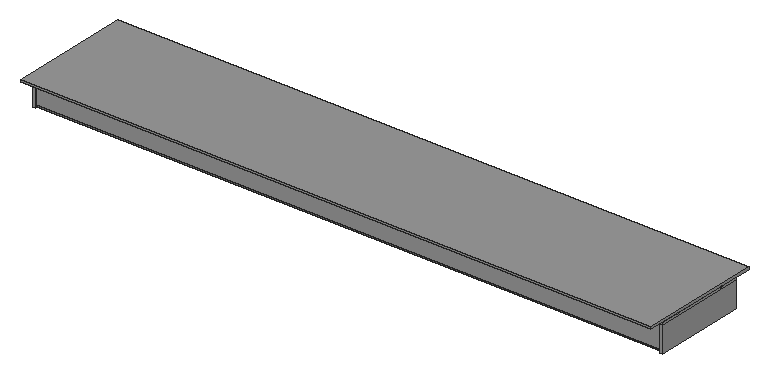
Revit family "Berica 2.2 M", category Lighting Fixtures, Revit 2020 (continued)
Definition of nested family "Light Source Berica 2.2"
  Types (4, lengths in mm): name | Photometric Web File | built-in parameter 1150142
      .94 283.97 287.60 291.32 295.10 \r\n298.39 302.49 306.04 310.77 316.11 321.61 327.51 335.20 \r\n342.94 351.97 361.86 374.02 386.33 399.62 414.36 430.02 \r\n450.90 472.57 496.35 523.38 550.93 581.48 613.87 647.13 \r\n683.29 716.95 756.01 790.16 830.34 867.28 904.15 937.59 \r\n971.14 996.45 1022.88 1045.05 1064.33 1081.47 1095.54 \r\n1105.02 1112.07 1117.05 1118.96 1119.12 1117.18 1113.79 \r\n1109.71 1104.53 1098.47 1091.53 1084.83 1077.63 1066.75 \r\n1058.29 1049.74 1041.49 1032.86 1025.07 1016.67 1008.23 \r\n1000.41 994.08 986.79 981.09 974.62 969.22 963.92 958.84 \r\n954.48 950.97 948.45 945.55 942.74 940.73 939.47 938.07 \r\n936.88 935.62 934.62 933.51 933.15 933.48 \r\n933.48 933.20 933.73 934.70 935.99 937.72 939.49 940.97 \r\n943.27 945.80 948.90 952.59 956.38 960.97 966.41 972.83 \r\n979.47 986.65 994.19 1003.21 1011.49 1020.76 1029.49 \r\n1039.49 1049.35 1059.16 1069.25 1079.34 1088.92 1097.48 \r\n1109.43 1118.03 1125.44 1132.06 1138.00 1142.51 1145.97 \r\n1147.43 1147.55 1145.55 1140.39 1132.61 1120.90 1107.14 \r\n1089.87 1068.69 1044.72 1018.19 989.00 955.34 920.34 \r\n881.26 842.18 802.91 764.80 725.20 690.19 654.75 619.84 \r\n586.87 558.22 529.24 503.80 480.32 458.18 440.53 424.90 \r\n411.45 398.09 386.76 376.31 367.44 358.88 351.45 345.02 \r\n338.81 333.40 328.82 324.50 320.93 317.61 314.74 311.61 \r\n308.27 304.92 301.24 297.73 294.22 290.89 288.04 287.13 \r\n288.04 290.89 294.22 297.73 301.24 304.92 308.27 311.61 \r\n314.74 317.61 320.93 324.50 328.82 333.40 338.81 345.02 \r\n351.45 358.88 367.44 376.31 386.76 398.09 411.45 424.90 \r\n440.53 458.18 480.32 503.80 529.24 558.22 586.87 619.84 \r\n654.75 690.19 725.20 764.80 802.91 842.18 881.26 920.34 \r\n955.34 989.00 1018.19 1044.72 1068.69 1089.87 1107.14 \r\n1120.90 1132.61 1140.39 1145.55 1147.55 1147.43 1145.97 \r\n1142.51 1138.00 1132.06 1125.44 1118.03 1109.43 1097.48 \r\n1088.92 1079.34 1069.25 1059.16 1049.35 1039.49 1029.49 \r\n1020.76 1011.49 1003.21 994.19 986.65 979.47 972.83 \r\n966.41 960.97 956.38 952.59 948.90 945.80 943.27 940.97 \r\n939.49 937.72 935.99 934.70 933.73 933.20 933.48 \r\n933.48 933.25 933.73 935.39 937.08 938.89 940.64 942.61 \r\n945.85 948.76 952.31 957.26 961.82 967.67 973.90 981.30 \r\n989.46 997.90 1007.90 1017.72 1028.57 1038.86 1050.64 \r\n1060.64 1072.60 1083.06 1094.34 1105.63 1116.09 1125.41 \r\n1137.79 1146.64 1154.18 1160.29 1165.38 1169.12 1171.36 \r\n1171.13 1168.77 1163.25 1155.00 1142.86 1129.16 1110.18 \r\n1088.76 1064.28 1038.77 1008.44 970.59 935.12 894.53 \r\n855.56 812.10 772.54 734.89 698.94 660.64 626.73 593.68 \r\n564.00 535.33 510.84 486.59 467.13 449.94 435.53 422.33 \r\n408.98 399.35 388.61 380.58 371.65 365.29 358.87 353.70 \r\n348.45 344.35 340.05 337.05 334.16 331.22 328.55 325.95 \r\n323.30 319.75 316.41 312.81 309.93 306.18 303.89 302.62 \r\n303.89 306.18 309.93 312.81 316.41 319.75 323.30 325.95 \r\n328.55 331.22 334.16 337.05 340.05 344.35 348.45 353.70 \r\n358.87 365.29 371.65 380.58 388.61 399.35 408.98 422.33 \r\n435.53 449.94 467.13 486.59 510.84 535.33 564.00 593.68 \r\n626.73 660.64 698.94 734.89 772.54 812.10 855.56 894.53 \r\n935.12 970.59 1008.44 1038.77 1064.28 1088.76 1110.18 \r\n1129.16 1142.86 1155.00 1163.25 1168.77 1171.13 1171.36 \r\n1169.12 1165.38 1160.29 1154.18 1146.64 1137.79 1125.41 \r\n1116.09 1105.63 1094.34 1083.06 1072.60 1060.64 1050.64 \r\n1038.86 1028.57 1017.72 1007.90 997.90 989.46 981.30 \r\n973.90 967.67 961.82 957.26 952.31 948.76 945.85 942.61 \r\n940.64 938.89 937.08 935.39 933.73 933.25 933.48 \r\n933.48 933.31 934.23 935.27 937.66 939.45 941.72 944.26 \r\n947.78 951.40 955.81 960.44 965.99 973.05 980.30 988.38 \r\n998.42 1008.01 1019.64 1031.05 1042.23 1055.26 1066.96 \r\n1079.38 1091.39 1103.86 1116.49 1126.95 1137.49 1148.33 \r\n1160.36 1168.68 1177.00 1182.16 1186.68 1188.99 1189.52 \r\n1187.20 1182.71 1174.98 1163.00 1148.57 1129.99 1108.17 \r\n1086.30 1058.10 1025.83 991.36 952.09 909.32 869.99 \r\n828.15 789.81 746.99 708.39 673.28 636.17 603.94 575.30 \r\n545.47 520.17 496.03 477.10 460.80 445.80 433.32 421.57 \r\n410.31 400.20 392.04 384.38 377.76 371.75 365.81 361.54 \r\n356.98 353.98 350.49 347.99 345.15 342.73 340.29 338.41 \r\n335.33 332.17 329.11 325.97 322.72 319.75 317.24 316.42 \r\n317.24 319.75 322.72 325.97 329.11 332.17 335.33 338.41 \r\n340.29 342.73 345.15 347.99 350.49 353.98 356.98 361.54 \r\n365.81 371.75 377.76 384.38 392.04 400.20 410.31 421.57 \r\n433.32 445.80 460.80 477.10 496.03 520.17 545.47 575.30 \r\n603.94 636.17 673.28 708.39 746.99 789.81 828.15 869.99 \r\n909.32 952.09 991.36 1025.83 1058.10 1086.30 1108.17 \r\n1129.99 1148.57 1163.00 1174.98 1182.71 1187.20 1189.52 \r\n1188.99 1186.68 1182.16 1177.00 1168.68 1160.36 1148.33 \r\n1137.49 1126.95 1116.49 1103.86 1091.39 1079.38 1066.96 \r\n1055.26 1042.23 1031.05 1019.64 1008.01 998.42 988.38 \r\n980.30 973.05 965.99 960.44 955.81 951.40 947.78 944.26 \r\n941.72 939.45 937.66 935.27 934.23 933.31 933.48 \r\n933.48 933.51 934.29 935.64 938.10 940.49 943.28 945.64 \r\n949.50 953.88 959.06 964.06 970.67 977.56 986.00 995.07 \r\n1005.23 1016.99 1029.33 1042.44 1054.79 1068.54 1080.70 \r\n1093.89 1106.48 1120.14 1132.32 1144.54 1155.22 1165.98 \r\n1177.74 1185.62 1193.21 1198.46 1202.11 1203.44 1202.16 \r\n1197.95 1190.89 1180.89 1166.60 1149.09 1127.25 1106.61 \r\n1079.37 1046.83 1012.03 973.74 932.93 890.15 849.88 \r\n806.62 767.17 722.92 687.81 649.88 618.21 585.31 558.15 \r\n531.46 507.69 488.89 470.90 455.97 442.76 432.24 421.12 \r\n411.60 402.89 395.55 388.28 382.48 376.72 372.56 367.69 \r\n364.98 361.32 359.45 356.20 354.57 352.95 350.24 347.82 \r\n345.15 342.90 339.32 336.70 333.68 330.84 328.04 327.49 \r\n328.04 330.84 333.68 336.70 339.32 342.90 345.15 347.82 \r\n350.24 352.95 354.57 356.20 359.45 361.32 364.98 367.69 \r\n372.56 376.72 382.48 388.28 395.55 402.89 411.60 421.12 \r\n432.24 442.76 455.97 470.90 488.89 507.69 531.46 558.15 \r\n585.31 618.21 649.88 687.81 722.92 767.17 806.62 849.88 \r\n890.15 932.93 973.74 1012.03 1046.83 1079.37 1106.61 \r\n1127.25 1149.09 1166.60 1180.89 1190.89 1197.95 1202.16 \r\n1203.44 1202.11 1198.46 1193.21 1185.62 1177.74 1165.98 \r\n1155.22 1144.54 1132.32 1120.14 1106.48 1093.89 1080.70 \r\n1068.54 1054.79 1042.44 1029.33 1016.99 1005.23 995.07 \r\n986.00 977.56 970.67 964.06 959.06 953.88 949.50 945.64 \r\n943.28 940.49 938.10 935.64 934.29 933.51 933.48 \r\n933.48 933.25 934.22 935.69 938.54 941.29 944.21 947.22 \r\n951.50 955.73 961.10 966.58 974.01 981.33 990.24 1000.65 \r\n1012.19 1023.82 1037.26 1050.84 1063.03 1078.86 1091.05 \r\n1105.61 1118.74 1131.91 1144.62 1157.26 1168.14 1178.72 \r\n1189.35 1198.04 1204.99 1209.98 1212.96 1213.12 1211.09 \r\n1205.61 1196.25 1184.44 1167.45 1146.45 1127.43 1100.62 \r\n1068.82 1036.01 999.16 960.03 917.54 873.71 830.67 791.02 \r\n747.83 707.08 670.27 635.95 604.19 572.54 546.74 522.43 \r\n499.91 483.11 467.51 454.28 442.29 431.41 421.51 412.83 \r\n405.05 398.02 392.00 386.28 382.29 377.29 374.02 371.50 \r\n367.38 366.24 363.48 362.28 360.13 357.79 355.60 353.25 \r\n350.50 347.58 344.60 341.88 339.13 336.60 336.52 336.60 \r\n339.13 341.88 344.60 347.58 350.50 353.25 355.60 357.79 \r\n360.13 362.28 363.48 366.24 367.38 371.50 374.02 377.29 \r\n382.29 386.28 392.00 398.02 405.05 412.83 421.51 431.41 \r\n442.29 454.28 467.51 483.11 499.91 522.43 546.74 572.54 \r\n604.19 635.95 670.27 707.08 747.83 791.02 830.67 873.71 \r\n917.54 960.03 999.16 1036.01 1068.82 1100.62 1127.43 \r\n1146.45 1167.45 1184.44 1196.25 1205.61 1211.09 1213.12 \r\n1212.96 1209.98 1204.99 1198.04 1189.35 1178.72 1168.14 \r\n1157.26 1144.62 1131.91 1118.74 1105.61 1091.05 1078.86 \r\n1063.03 1050.84 1037.26 1023.82 1012.19 1000.65 990.24 \r\n981.33 974.01 966.58 961.10 955.73 951.50 947.22 944.21 \r\n941.29 938.54 935.69 934.22 933.25 933.48 \r\n933.48 933.47 934.52 936.15 938.98 941.85 945.33 949.00 \r\n952.75 957.21 963.12 969.59 976.45 984.34 994.81 1005.55 \r\n1016.26 1028.99 1042.44 1056.48 1071.42 1084.89 1098.91 \r\n1113.39 1127.36 1141.03 1153.69 1165.54 1177.66 1187.64 \r\n1197.26 1205.51 1211.98 1216.50 1218.56 1218.22 1214.41 \r\n1207.66 1196.91 1184.01 1165.84 1144.95 1121.67 1095.83 \r\n1062.54 1027.31 987.43 946.74 904.34 861.10 817.61 776.56 \r\n735.55 695.31 657.45 623.91 592.54 564.58 538.80 515.40 \r\n495.78 479.32 465.16 452.94 441.55 431.35 421.99 413.84 \r\n406.30 399.59 393.95 389.47 384.37 380.48 377.74 374.80 \r\n372.83 370.14 368.51 367.09 364.79 363.04 360.95 358.72 \r\n356.17 353.42 350.27 347.97 344.80 342.68 342.37 342.68 \r\n344.80 347.97 350.27 353.42 356.17 358.72 360.95 363.04 \r\n364.79 367.09 368.51 370.14 372.83 374.80 377.74 380.48 \r\n384.37 389.47 393.95 399.59 406.30 413.84 421.99 431.35 \r\n441.55 452.94 465.16 479.32 495.78 515.40 538.80 564.58 \r\n592.54 623.91 657.45 695.31 735.55 776.56 817.61 861.10 \r\n904.34 946.74 987.43 1027.31 1062.54 1095.83 1121.67 \r\n1144.95 1165.84 1184.01 1196.91 1207.66 1214.41 1218.22 \r\n1218.56 1216.50 1211.98 1205.51 1197.26 1187.64 1177.66 \r\n1165.54 1153.69 1141.03 1127.36 1113.39 1098.91 1084.89 \r\n1071.42 1056.48 1042.44 1028.99 1016.26 1005.55 994.81 \r\n984.34 976.45 969.59 963.12 957.21 952.75 949.00 945.33 \r\n941.85 938.98 936.15 934.52 933.47 933.48 \r\n933.48 933.66 934.54 936.56 939.49 942.35 946.10 949.84 \r\n953.88 958.64 964.71 971.45 978.63 986.62 997.06 1007.96 \r\n1019.81 1032.70 1046.44 1060.75 1074.54 1089.88 1103.66 \r\n1117.49 1132.39 1145.87 1158.73 1171.40 1182.91 1193.85 \r\n1203.60 1210.61 1216.91 1220.86 1222.14 1220.92 1216.47 \r\n1208.86 1197.72 1184.08 1164.76 1143.13 1118.50 1091.90 \r\n1059.35 1021.16 981.34 938.43 895.83 851.39 810.21 762.99 \r\n726.15 686.24 649.30 615.50 586.92 559.00 534.16 511.39 \r\n493.10 479.16 463.41 452.64 439.88 431.10 421.13 414.11 \r\n406.73 401.16 395.32 390.39 387.35 382.33 380.01 376.49 \r\n375.11 372.59 371.09 369.21 368.37 366.16 364.49 361.84 \r\n359.09 356.78 353.55 351.04 348.44 346.57 345.40 346.57 \r\n348.44 351.04 353.55 356.78 359.09 361.84 364.49 366.16 \r\n368.37 369.21 371.09 372.59 375.11 376.49 380.01 382.33 \r\n387.35 390.39 395.32 401.16 406.73 414.11 421.13 431.10 \r\n439.88 452.64 463.41 479.16 493.10 511.39 534.16 559.00 \r\n586.92 615.50 649.30 686.24 726.15 762.99 810.21 851.39 \r\n895.83 938.43 981.34 1021.16 1059.35 1091.90 1118.50 \r\n1143.13 1164.76 1184.08 1197.72 1208.86 1216.47 1220.92 \r\n1222.14 1220.86 1216.91 1210.61 1203.60 1193.85 1182.91 \r\n1171.40 1158.73 1145.87 1132.39 1117.49 1103.66 1089.88 \r\n1074.54 1060.75 1046.44 1032.70 1019.81 1007.96 997.06 \r\n986.62 978.63 971.45 964.71 958.64 953.88 949.84 946.10 \r\n942.35 939.49 936.56 934.54 933.66 933.48 \r\n933.48 934.00 935.65 937.38 941.02 943.83 948.80 952.79 \r\n956.98 961.93 968.73 975.19 983.04 992.37 1002.92 1013.28 \r\n1026.24 1037.97 1053.15 1067.94 1082.38 1096.55 1112.52 \r\n1125.27 1140.09 1153.78 1166.14 1179.69 1190.08 1201.56 \r\n1210.96 1218.76 1224.06 1227.49 1228.16 1226.38 1221.17 \r\n1212.82 1200.37 1185.95 1167.50 1140.29 1116.16 1086.43 \r\n1056.83 1018.67 975.89 931.39 889.31 844.57 800.29 756.67 \r\n717.88 679.77 645.46 611.91 581.47 553.82 530.45 506.76 \r\n489.62 475.32 461.60 450.72 437.79 428.78 420.93 412.95 \r\n405.93 400.81 394.24 390.00 385.97 382.25 379.35 377.55 \r\n374.18 373.91 371.50 370.56 369.30 367.65 365.54 364.62 \r\n361.28 359.41 356.59 353.84 350.98 349.25 347.14 349.25 \r\n350.98 353.84 356.59 359.41 361.28 364.62 365.54 367.65 \r\n369.30 370.56 371.50 373.91 374.18 377.55 379.35 382.25 \r\n385.97 390.00 394.24 400.81 405.93 412.95 420.93 428.78 \r\n437.79 450.72 461.60 475.32 489.62 506.76 530.45 553.82 \r\n581.47 611.91 645.46 679.77 717.88 756.67 800.29 844.57 \r\n889.31 931.39 975.89 1018.67 1056.83 1086.43 1116.16 \r\n1140.29 1167.50 1185.95 1200.37 1212.82 1221.17 1226.38 \r\n1228.16 1227.49 1224.06 1218.76 1210.96 1201.56 1190.08 \r\n1179.69 1166.14 1153.78 1140.09 1125.27 1112.52 1096.55 \r\n1082.38 1067.94 1053.15 1037.97 1026.24 1013.28 1002.92 \r\n992.37 983.04 975.19 968.73 961.93 956.98 952.79 948.80 \r\n943.83 941.02 937.38 935.65 934.00 933.48 \r\n933.48 933.66 934.54 936.56 939.49 942.35 946.10 949.84 \r\n953.88 958.64 964.71 971.45 978.63 986.62 997.06 1007.96 \r\n1019.81 1032.70 1046.44 1060.75 1074.54 1089.88 1103.66 \r\n1117.49 1132.39 1145.87 1158.73 1171.40 1182.91 1193.85 \r\n1203.60 1210.61 1216.91 1220.86 1222.14 1220.92 1216.47 \r\n1208.86 1197.72 1184.08 1164.76 1143.13 1118.50 1091.90 \r\n1059.35 1021.16 981.34 938.43 895.83 851.39 810.21 762.99 \r\n726.15 686.24 649.30 615.50 586.92 559.00 534.16 511.39 \r\n493.10 479.16 463.41 452.64 439.88 431.10 421.13 414.11 \r\n406.73 401.16 395.32 390.39 387.35 382.33 380.01 376.49 \r\n375.11 372.59 371.09 369.21 368.37 366.16 364.49 361.84 \r\n359.09 356.78 353.55 351.04 348.44 346.57 345.40 346.57 \r\n348.44 351.04 353.55 356.78 359.09 361.84 364.49 366.16 \r\n368.37 369.21 371.09 372.59 375.11 376.49 380.01 382.33 \r\n387.35 390.39 395.32 401.16 406.73 414.11 421.13 431.10 \r\n439.88 452.64 463.41 479.16 493.10 511.39 534.16 559.00 \r\n586.92 615.50 649.30 686.24 726.15 762.99 810.21 851.39 \r\n895.83 938.43 981.34 1021.16 1059.35 1091.90 1118.50 \r\n1143.13 1164.76 1184.08 1197.72 1208.86 1216.47 1220.92 \r\n1222.14 1220.86 1216.91 1210.61 1203.60 1193.85 1182.91 \r\n1171.40 1158.73 1145.87 1132.39 1117.49 1103.66 1089.88 \r\n1074.54 1060.75 1046.44 1032.70 1019.81 1007.96 997.06 \r\n986.62 978.63 971.45 964.71 958.64 953.88 949.84 946.10 \r\n942.35 939.49 936.56 934.54 933.66 933.48 \r\n933.48 933.47 934.52 936.15 938.98 941.85 945.33 949.00 \r\n952.75 957.21 963.12 969.59 976.45 984.34 994.81 1005.55 \r\n1016.26 1028.99 1042.44 1056.48 1071.42 1084.89 1098.91 \r\n1113.39 1127.36 1141.03 1153.69 1165.54 1177.66 1187.64 \r\n1197.26 1205.51 1211.98 1216.50 1218.56 1218.22 1214.41 \r\n1207.66 1196.91 1184.01 1165.84 1144.95 1121.67 1095.83 \r\n1062.54 1027.31 987.43 946.74 904.34 861.10 817.61 776.56 \r\n735.55 695.31 657.45 623.91 592.54 564.58 538.80 515.40 \r\n495.78 479.32 465.16 452.94 441.55 431.35 421.99 413.84 \r\n406.30 399.59 393.95 389.47 384.37 380.48 377.74 374.80 \r\n372.83 370.14 368.51 367.09 364.79 363.04 360.95 358.72 \r\n356.17 353.42 350.27 347.97 344.80 342.68 342.37 342.68 \r\n344.80 347.97 350.27 353.42 356.17 358.72 360.95 363.04 \r\n364.79 367.09 368.51 370.14 372.83 374.80 377.74 380.48 \r\n384.37 389.47 393.95 399.59 406.30 413.84 421.99 431.35 \r\n441.55 452.94 465.16 479.32 495.78 515.40 538.80 564.58 \r\n592.54 623.91 657.45 695.31 735.55 776.56 817.61 861.10 \r\n904.34 946.74 987.43 1027.31 1062.54 1095.83 1121.67 \r\n1144.95 1165.84 1184.01 1196.91 1207.66 1214.41 1218.22 \r\n1218.56 1216.50 1211.98 1205.51 1197.26 1187.64 1177.66 \r\n1165.54 1153.69 1141.03 1127.36 1113.39 1098.91 1084.89 \r\n1071.42 1056.48 1042.44 1028.99 1016.26 1005.55 994.81 \r\n984.34 976.45 969.59 963.12 957.21 952.75 949.00 945.33 \r\n941.85 938.98 936.15 934.52 933.47 933.48 \r\n933.48 933.25 934.22 935.69 938.54 941.29 944.21 947.22 \r\n951.50 955.73 961.10 966.58 974.01 981.33 990.24 1000.65 \r\n1012.19 1023.82 1037.26 1050.84 1063.03 1078.86 1091.05 \r\n1105.61 1118.74 1131.91 1144.62 1157.26 1168.14 1178.72 \r\n1189.35 1198.04 1204.99 1209.98 1212.96 1213.12 1211.09 \r\n1205.61 1196.25 1184.44 1167.45 1146.45 1127.43 1100.62 \r\n1068.82 1036.01 999.16 960.03 917.54 873.71 830.67 791.02 \r\n747.83 707.08 670.27 635.95 604.19 572.54 546.74 522.43 \r\n499.91 483.11 467.51 454.28 442.29 431.41 421.51 412.83 \r\n405.05 398.02 392.00 386.28 382.29 377.29 374.02 371.50 \r\n367.38 366.24 363.48 362.28 360.13 357.79 355.60 353.25 \r\n350.50 347.58 344.60 341.88 339.13 336.60 336.52 336.60 \r\n339.13 341.88 344.60 347.58 350.50 353.25 355.60 357.79 \r\n360.13 362.28 363.48 366.24 367.38 371.50 374.02 377.29 \r\n382.29 386.28 392.00 398.02 405.05 412.83 421.51 431.41 \r\n442.29 454.28 467.51 483.11 499.91 522.43 546.74 572.54 \r\n604.19 635.95 670.27 707.08 747.83 791.02 830.67 873.71 \r\n917.54 960.03 999.16 1036.01 1068.82 1100.62 1127.43 \r\n1146.45 1167.45 1184.44 1196.25 1205.61 1211.09 1213.12 \r\n1212.96 1209.98 1204.99 1198.04 1189.35 1178.72 1168.14 \r\n1157.26 1144.62 1131.91 1118.74 1105.61 1091.05 1078.86 \r\n1063.03 1050.84 1037.26 1023.82 1012.19 1000.65 990.24 \r\n981.33 974.01 966.58 961.10 955.73 951.50 947.22 944.21 \r\n941.29 938.54 935.69 934.22 933.25 933.48 \r\n933.48 933.51 934.29 935.64 938.10 940.49 943.28 945.64 \r\n949.50 953.88 959.06 964.06 970.67 977.56 986.00 995.07 \r\n1005.23 1016.99 1029.33 1042.44 1054.79 1068.54 1080.70 \r\n1093.89 1106.48 1120.14 1132
